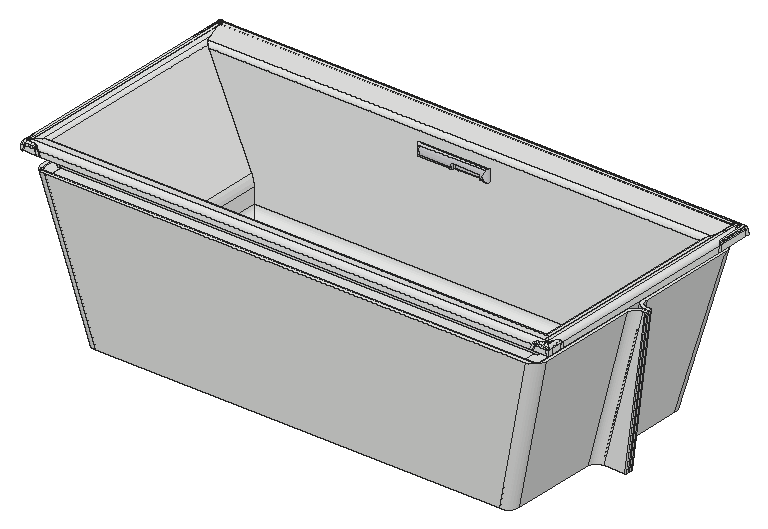
Revit family "Bath-Freestanding-KOHLER-REVE-K-16495T_1", category Plumbing Fixtures, host Face, Revit 2017
Family settings
  Host = Face
  Round Connector Dimension = Use Diameter
  Part Type = Normal
  OmniClass Number = 23.31.15.00
  OmniClass Title = Bathtubs
  Cut with Voids When Loaded = No
  Shared = No
  Room Calculation Point = No
Parameters (values of type "0-White")
  Width = 31.49606"  # constant formula
  WaterSense Certified = 1 = 0  # no
  Waste Water Outlet = "Waste Water Outlet"  # constant formula
  Waste Connection = 1 = 1  # yes
  Vent Connection = 1 = 0  # no
  URL = "http://www.kohler.com.cn/"
  Type = 1
  Product Page URL = ""
  Product Name = "REVE"  # constant formula
  Product Documentation Link = ""
  Model = "K-16495T-0"  # constant formula
  Material = "Cast Iron"  # constant formula
  Master Format 2014 Name = "Residential Bathtubs"  # constant formula
  Master Format 2014 = "22 41 19"  # constant formula
  Manufacturer Address = "Kohler Beijing Office (100016) 36-2-03-B, No. 88, Liuxiang Road, Beijing"  # constant formula
  Manufacturer = "KOHLER Co."  # constant formula
  Length = 66.92913"  # constant formula
  Hot Water Inlet = "Hot Water Inlet"  # constant formula
  Height = 22 31/128"  # constant formula
  HW Connection = 1 = 0  # no
  Finish = KOHLER-Cast_Iron-0-White
  Environmental Product Declaration = ""
  Drain Included = 1 = 0  # no
  Description = "FREESTANDING BATH, CANOE, WOOD"  # constant formula
  Default Elevation = 0"
  Declare Label = ""
  Date Modified = "01/22/2021"  # constant formula
  Date Created = "01/22/2021"  # constant formula
  Copyright = "Copyright KOHLER Co."  # constant formula
  Contact Us = "http://www.kohler.com.cn/contact/contact-us/"
  Cold Water Inlet = "Cold Water Inlet"  # constant formula
  CW Connection = 1 = 0  # no
  Assembly Code = "D2010500"
  ADA Compliant = 1 = 0  # no
Reference planes (in)
  plane 1 "Center (Front/Back)": y = 0
  plane 2: z = 0
  plane 3 "Center (Left/Right)": x = 0
  plane 4: z = 22.24219
  plane 5: y = -15.74606
  plane 6: y = 15.75
  plane 7: z = 19.09449
  plane 8: z = 3.54331
  plane 9: z = 21.06109
  plane 10: x = -33.46654
  plane 11: x = 33.4626
  plane 12: y = -1.19882
Dimensions and locks (in)
  plane 6 to plane 1 "Center (Front/Back)" to plane 5 = 15 3/4", 15.74606"  (x2)
  plane 12 to plane 5 = 14.54724"  (x2)
  "Height": level to plane 4
  plane 9 to plane 4 = 1.1811"
  level to plane 7 = 19.09449"
  plane 8 to level = 3.54331"
  plane 6 to plane 5 = 31.49606"
  "Length": plane 10 to plane 11
  "Width": plane 6 to plane 5
  aligned and locked: plane 2 to host face
  aligned and locked: level to host face
  aligned and locked: plane 3 "Center (Left/Right)" to nested 1
  aligned and locked: plane 1 "Center (Front/Back)" to nested 1
Automatic sketch dimensions
  host sketch curve to host sketch curve = 96"  (x2)
Nested families (in)
  nested 1: "K-16495T" at (0, 0, 0), type "K-16495T"
Connectors (in)
  piping at (0, -1.20276, 3.54331), diameter 1.32031, driven by "Waste Connection", driven by "Waste Water Outlet"
    settings: on nested 1, index 1, connector inside diameter 24", connector length 0", flow factor 0, pipe flow 0 GPM, pressure drop 0.00 psi, fitting loss kfactor 0, connector angle 0.00°, fixture units 0, engagement length 0", angle of deflection 0.00°, flow configuration 0, flow direction 2, fitting loss method 0, system type 16, joint type 0, gender type 0, connector reference index -1, connector utility 1, adjustable connector no, is connector primary yes, connector description "Waste Water Outlet"
Definition of nested family "K-16495T"
  Parameters (values of type "K-16495T")
    Material = none
  Reference planes (in)
    plane 1 "Center (Front/Back)": y = 0
    plane 2: z = 0
    plane 3 "Center (Left/Right)": x = 0
    plane 4: y = 15.75
    plane 5: y = -15.75
    plane 6: y = -1.20276
    plane 7: x = -33.46654
    plane 8: x = 33.46654
    plane 9: z = 22.24409
    plane 10: z = 21.06299
    plane 11: z = 19.09449
    plane 12: z = 3.54331
  Forms (in)
    Blend 1, solid, material <- "Material", detail levels medium+fine
      base sketch origin (0, 0, 0) x (1, 0, 0) y (0, 1, 0)
        loop
          arc (26.99184, -1.61417) -> (27.32048, -0.82076) -> (28.11389, -0.49212) r 1.12205
          line (28.11389, -0.49212) -> (30.88459, -0.49212)
          arc (30.88459, -0.49212) -> (30.94027, -0.46906) -> (30.96334, -0.41338) r 0.07874
          line (30.96334, -0.41338) -> (30.96334, -0.09841)
          arc (30.96334, -0.09841) -> (30.94058, -0.04304) -> (30.88459, -0.01968) r 0.07874
          arc (30.88459, -0.01968) -> (30.94027, 0.00338) -> (30.96334, 0.05906) r 0.07874
          line (30.96334, 0.05906) -> (30.96334, 0.37413)
          arc (30.96334, 0.37413) -> (30.9403, 0.42973) -> (30.8847, 0.45276) r 0.07863
          line (30.8847, 0.45276) -> (28.11389, 0.45276)
          arc (28.11389, 0.45276) -> (27.32048, 0.7814) -> (26.99184, 1.57481) r 1.12205
          line (26.99184, 1.57481) -> (26.99184, 12.21174)
          arc (26.99184, 12.21174) -> (26.56519, 13.24178) -> (25.53515, 13.66843) r 1.45669
          line (25.53515, 13.66843) -> (-25.53539, 13.66843)
          arc (-25.53539, 13.66843) -> (-26.56543, 13.24178) -> (-26.99208, 12.21174) r 1.45669
          line (-26.99208, 12.21174) -> (-26.99208, 1.57481)
          arc (-26.99208, 1.57481) -> (-27.32072, 0.7814) -> (-28.11413, 0.45276) r 1.12205
          line (-28.11413, 0.45276) -> (-30.88495, 0.45276)
          arc (-30.88495, 0.45276) -> (-30.94055, 0.42973) -> (-30.96358, 0.37413) r 0.07863
          line (-30.96358, 0.37413) -> (-30.96358, 0.05906)
          arc (-30.96358, 0.05906) -> (-30.94083, 0.00369) -> (-30.88572, -0.01968) r 0.07874
          arc (-30.88572, -0.01968) -> (-30.94083, -0.04304) -> (-30.96358, -0.09841) r 0.07874
          line (-30.96358, -0.09841) -> (-30.96358, -0.41338)
          arc (-30.96358, -0.41338) -> (-30.94052, -0.46906) -> (-30.88484, -0.49212) r 0.07874
          line (-30.88484, -0.49212) -> (-28.11413, -0.49212)
          arc (-28.11413, -0.49212) -> (-27.32073, -0.82076) -> (-26.99209, -1.61417) r 1.12205
          line (-26.99209, -1.61417) -> (-26.99209, -12.2511)
          arc (-26.99209, -12.2511) -> (-26.56543, -13.28114) -> (-25.53539, -13.70779) r 1.45669
          line (-25.53539, -13.70779) -> (25.53515, -13.70779)
          arc (25.53515, -13.70779) -> (26.56518, -13.28114) -> (26.99184, -12.2511) r 1.45669
          line (26.99184, -12.2511) -> (26.99184, -1.61417)
      top sketch origin (0, 0, 0) x (1, 0, 0) y (0, 1, 0)
        loop
          line (31.93851, -14.18352) -> (31.93851, -1.61417)
          arc (31.93851, -1.61417) -> (32.26715, -0.82076) -> (33.06056, -0.49212) r 1.12205
          line (33.06056, -0.49212) -> (33.34442, -0.49212)
          arc (33.34442, -0.49212) -> (33.4001, -0.46906) -> (33.42316, -0.41338) r 0.07874
          line (33.42316, -0.41338) -> (33.42316, -0.09842)
          arc (33.42316, -0.09842) -> (33.4001, -0.04274) -> (33.34442, -0.01968) r 0.07874
          arc (33.34442, -0.01968) -> (33.4001, 0.00339) -> (33.42316, 0.05907) r 0.07874
          line (33.42316, 0.05907) -> (33.42316, 0.37402)
          arc (33.42316, 0.37402) -> (33.4001, 0.4297) -> (33.34442, 0.45276) r 0.07874
          line (33.34442, 0.45276) -> (33.06084, 0.45276)
          arc (33.06084, 0.45276) -> (32.26743, 0.7814) -> (31.93879, 1.57481) r 1.12205
          line (31.93879, 1.57481) -> (31.93879, 14.14416)
          arc (31.93879, 14.14416) -> (31.51213, 15.1742) -> (30.4821, 15.60086) r 1.45669
          line (30.4821, 15.60086) -> (-30.48206, 15.60086)
          arc (-30.48206, 15.60086) -> (-31.5121, 15.1742) -> (-31.93876, 14.14416) r 1.45669
          line (-31.93876, 14.14416) -> (-31.93876, 1.57481)
          arc (-31.93876, 1.57481) -> (-32.2674, 0.7814) -> (-33.0608, 0.45276) r 1.12205
          line (-33.0608, 0.45276) -> (-33.34494, 0.45276)
          arc (-33.34494, 0.45276) -> (-33.40062, 0.4297) -> (-33.42368, 0.37402) r 0.07874
          line (-33.42368, 0.37402) -> (-33.42368, 0.05907)
          arc (-33.42368, 0.05907) -> (-33.40062, 0.00339) -> (-33.34494, -0.01968) r 0.07874
          arc (-33.34494, -0.01968) -> (-33.40062, -0.04274) -> (-33.42368, -0.09842) r 0.07874
          line (-33.42368, -0.09842) -> (-33.42368, -0.41338)
          arc (-33.42368, -0.41338) -> (-33.40062, -0.46906) -> (-33.34494, -0.49212) r 0.07874
          line (-33.34494, -0.49212) -> (-33.06108, -0.49212)
          arc (-33.06108, -0.49212) -> (-32.26767, -0.82076) -> (-31.93903, -1.61417) r 1.12205
          line (-31.93903, -1.61417) -> (-31.93903, -14.18352)
          arc (-31.93903, -14.18352) -> (-31.51238, -15.21356) -> (-30.48234, -15.64022) r 1.45669
          line (-30.48234, -15.64022) -> (30.48182, -15.64022)
          arc (30.48182, -15.64022) -> (31.51186, -15.21356) -> (31.93851, -14.18352) r 1.45669
      from 0 to 19.09454
    Blend 2, void
      base sketch origin (0, 0, 0) x (1, 0, 0) y (0, 1, 0)
        loop
          arc (-26.51965, -12.2511) -> (-26.23136, -12.94707) -> (-25.53539, -13.23535) r 0.98425
          line (-25.53539, -13.23535) -> (25.53515, -13.23535)
          arc (25.53515, -13.23535) -> (26.23112, -12.94707) -> (26.5194, -12.2511) r 0.98425
          line (26.5194, -12.2511) -> (26.5194, -1.61726)
          arc (26.5194, -1.61726) -> (26.98623, -0.4887) -> (28.11389, -0.01968) r 1.59759
          arc (28.11389, -0.01968) -> (26.98642, 0.44733) -> (26.5194, 1.57481) r 1.59449
          line (26.5194, 1.57481) -> (26.5194, 12.21174)
          arc (26.5194, 12.21174) -> (26.23112, 12.90771) -> (25.53515, 13.19599) r 0.98425
          line (25.53515, 13.19599) -> (-25.53539, 13.19599)
          arc (-25.53539, 13.19599) -> (-26.23136, 12.90771) -> (-26.51964, 12.21174) r 0.98425
          line (-26.51964, 12.21174) -> (-26.51965, 1.5779)
          arc (-26.51965, 1.5779) -> (-26.98647, 0.44934) -> (-28.11413, -0.01968) r 1.59759
          arc (-28.11413, -0.01968) -> (-26.98666, -0.48669) -> (-26.51965, -1.61417) r 1.59449
          line (-26.51965, -1.61417) -> (-26.51965, -12.2511)
      top sketch origin (0, 0, 0) x (1, 0, 0) y (0, 1, 0)
        loop
          line (30.4821, 15.12842) -> (-30.48206, 15.12842)
          arc (-30.48206, 15.12842) -> (-31.17803, 14.84013) -> (-31.46632, 14.14416) r 0.98425
          line (-31.46632, 14.14416) -> (-31.46632, 1.57481)
          arc (-31.46632, 1.57481) -> (-31.93338, 0.44729) -> (-33.06094, -0.01968) r 1.59449
          arc (-33.06094, -0.01968) -> (-31.93356, -0.48674) -> (-31.46659, -1.61417) r 1.59449
          line (-31.46659, -1.61417) -> (-31.46659, -14.18352)
          arc (-31.46659, -14.18352) -> (-31.17831, -14.87949) -> (-30.48234, -15.16778) r 0.98425
          line (-30.48234, -15.16778) -> (30.48182, -15.16778)
          arc (30.48182, -15.16778) -> (31.17779, -14.87949) -> (31.46607, -14.18352) r 0.98425
          line (31.46607, -14.18352) -> (31.46607, -1.61417)
          arc (31.46607, -1.61417) -> (31.93314, -0.48665) -> (33.0607, -0.01968) r 1.59449
          arc (33.0607, -0.01968) -> (31.93331, 0.44738) -> (31.46635, 1.57481) r 1.59449
          line (31.46635, 1.57481) -> (31.46635, 14.14416)
          arc (31.46635, 14.14416) -> (31.17807, 14.84013) -> (30.4821, 15.12842) r 0.98425
      from 0 to 19.09454
    Extrusion 3, solid, material <- "Material", detail levels medium+fine
      sketch origin (0, 0, 0) x (0, 1, 0) y (0, 0, 1)
        loop
          arc (-13.56408, 21.40255) -> (-13.73061, 21.76443) -> (-14.08904, 21.93823) r 0.59055
          line (-14.08904, 21.93823) -> (-15.04195, 22.04104)
          arc (-15.04195, 22.04104) -> (-15.48031, 21.91009) -> (-15.6936, 21.50536) r 0.59055
          line (-15.6936, 21.50536) -> (-15.74953, 20.86614) -> (-15.39384, 20.86614) -> (-15.34729, 21.39827)
          arc (-15.34729, 21.39827) -> (-15.22959, 21.61731) -> (-14.98969, 21.68271) r 0.31496
          line (-14.98969, 21.68271) -> (-14.13935, 21.5632)
          arc (-14.13935, 21.5632) -> (-13.95472, 21.46811) -> (-13.86942, 21.27876) r 0.31496
          line (-13.86942, 21.27876) -> (-13.67834, 19.09454) -> (-15.16778, 19.09454) -> (-13.59394, 3.54331) -> (13.55458, 3.54331) -> (15.12842, 19.09454) -> (11.27677, 19.09454) -> (11.4714, 21.31925)
          arc (11.4714, 21.31925) -> (11.56829, 21.5202) -> (11.77399, 21.60656) r 0.31496
          line (11.77399, 21.60656) -> (15.01921, 21.72169)
          arc (15.01921, 21.72169) -> (15.23901, 21.64288) -> (15.34414, 21.43438) r 0.31496
          line (15.34414, 21.43438) -> (15.39385, 20.86614) -> (15.74954, 20.86614) -> (15.69339, 21.50795)
          arc (15.69339, 21.50795) -> (15.49577, 21.89933) -> (15.08282, 22.04661) r 0.59055
          line (15.08282, 22.04661) -> (11.72671, 21.92004)
          arc (11.72671, 21.92004) -> (11.34186, 21.75771) -> (11.16067, 21.38137) r 0.59055
          line (11.16067, 21.38137) -> (9.86864, 6.61232)
          arc (9.86864, 6.61232) -> (9.48998, 5.84445) -> (8.69204, 5.53415) r 1.1811
          line (8.69204, 5.53415) -> (-11.0936, 5.53415)
          arc (-11.0936, 5.53415) -> (-11.89154, 5.84445) -> (-12.27021, 6.61232) r 1.1811
          line (-12.27021, 6.61232) -> (-13.56408, 21.40255)
      from -36.99909 to 37.01604
    Extrusion 4, solid, material <- "Material", detail levels medium+fine
      sketch origin (0, 0, 0) x (1, 0, 0) y (0, 0, 1)
        loop
          arc (24.91903, 9.70287) -> (24.65345, 9.04817) -> (24.53854, 8.35106) r 3.18898
          line (24.53854, 8.35106) -> (24.44587, 6.58279)
          arc (24.44587, 6.58279) -> (24.07941, 5.78786) -> (23.26639, 5.4635) r 1.1811
          line (23.26639, 5.4635) -> (-23.26639, 5.4635)
          arc (-23.26639, 5.4635) -> (-24.07941, 5.78786) -> (-24.44587, 6.58279) r 1.1811
          line (-24.44587, 6.58279) -> (-24.53854, 8.35106)
          arc (-24.53854, 8.35106) -> (-24.65345, 9.04817) -> (-24.91903, 9.70287) r 3.18898
          line (-24.91903, 9.70287) -> (-31.37399, 21.62123)
          arc (-31.37399, 21.62123) -> (-31.5609, 21.82813) -> (-31.82191, 21.92621) r 0.59055
          line (-31.82191, 21.92621) -> (-32.75058, 22.03927)
          arc (-32.75058, 22.03927) -> (-33.19383, 21.9118) -> (-33.41025, 21.50452) r 0.59055
          line (-33.41025, 21.50452) -> (-33.4661, 20.86614) -> (-33.11042, 20.86614) -> (-33.06355, 21.40178)
          arc (-33.06355, 21.40178) -> (-32.95245, 21.61543) -> (-32.72287, 21.68814) r 0.31496
          line (-32.72287, 21.68814) -> (-31.89108, 21.61679)
          arc (-31.89108, 21.61679) -> (-31.7454, 21.56643) -> (-31.64105, 21.45298) r 0.31496
          line (-31.64105, 21.45298) -> (-30.36373, 19.09454) -> (-31.46659, 19.09454) -> (-27.43763, 3.54331) -> (27.43762, 3.54331) -> (31.46635, 19.09454) -> (30.36373, 19.09454) -> (31.64105, 21.45298)
          arc (31.64105, 21.45298) -> (31.7454, 21.56643) -> (31.89108, 21.61679) r 0.31496
          line (31.89108, 21.61679) -> (32.72287, 21.68814)
          arc (32.72287, 21.68814) -> (32.95245, 21.61543) -> (33.06355, 21.40178) r 0.31496
          line (33.06355, 21.40178) -> (33.11042, 20.86614) -> (33.4661, 20.86614) -> (33.41025, 21.50452)
          arc (33.41025, 21.50452) -> (33.19383, 21.9118) -> (32.75058, 22.03927) r 0.59055
          line (32.75058, 22.03927) -> (31.82191, 21.92621)
          arc (31.82191, 21.92621) -> (31.5609, 21.82813) -> (31.37399, 21.62123) r 0.59055
          line (31.37399, 21.62123) -> (24.91903, 9.70287)
      from -18.88088 to 21.24098
    Extrusion 5, void
      sketch origin (0, 0, 0) x (0, 1, 0) y (0, 0, 1)
        loop
          line (-11.75177, -2.92804) -> (-12.31789, 3.54331) -> (-13.59394, 3.54331) -> (-15.16778, 19.09454) -> (-13.67834, 19.09454) -> (-13.83332, 20.86614) -> (-15.74953, 20.86614) -> (-15.69404, 21.50031)
          arc (-15.69404, 21.50031) -> (-15.50537, 21.88882) -> (-15.10574, 22.05264) r 0.60526
          line (-15.10574, 22.05264) -> (-15.10574, 22.24045) -> (-21.9589, 22.24045) -> (-21.9589, -2.92804) -> (-11.75177, -2.92804)
        loop
          line (9.25178, -2.92804) -> (21.9589, -2.92804) -> (21.9589, 22.24045) -> (15.11733, 22.24045) -> (15.11733, 22.05047)
          arc (15.11733, 22.05047) -> (15.50872, 21.88896) -> (15.69339, 21.50795) r 0.59456
          line (15.69339, 21.50795) -> (15.74954, 20.86614) -> (11.43176, 20.86614) -> (11.27677, 19.09454) -> (15.12842, 19.09454) -> (13.55458, 3.54331) -> (9.8179, 3.54331) -> (9.25178, -2.92804)
      from -42.14985 to 47.71802
    Extrusion 6, void
      sketch origin (0, 0, 0) x (1, 0, 0) y (0, 0, 1)
        loop
          line (-24.52815, 3.54331) -> (-27.43763, 3.54331) -> (-31.46659, 19.09454) -> (-30.36373, 19.09454) -> (-31.32322, 20.86614) -> (-33.4661, 20.86614) -> (-33.41025, 21.50452)
          arc (-33.41025, 21.50452) -> (-33.22331, 21.89016) -> (-32.82712, 22.05357) r 0.60172
          line (-32.82712, 22.05357) -> (-32.82712, 23.63336) -> (-39.12116, 23.63336) -> (-39.12116, -3.08863) -> (-24.18059, -3.08863) -> (-24.52815, 3.54331)
        loop
          line (24.52815, 3.54331) -> (24.18059, -3.08863) -> (39.12116, -3.08863) -> (39.12116, 23.63336) -> (32.82624, 23.63336) -> (32.82624, 22.054)
          arc (32.82624, 22.054) -> (33.223, 21.8906) -> (33.41025, 21.50452) r 0.60217
          line (33.41025, 21.50452) -> (33.4661, 20.86614) -> (31.32322, 20.86614) -> (30.36373, 19.09454) -> (31.46635, 19.09454) -> (27.43762, 3.54331) -> (24.52815, 3.54331)
      from -20.68674 to 21.09473
    Extrusion 7, void
      sketch origin (3.78317, 0.98947, 10.08303) x (0.96804, -0.025252, 0.249522) y (0, 0.994918, 0.100689)
        loop
          line (-31.46659, -14.85281) -> (-31.66344, -14.85281) -> (-31.66344, -15.31936) -> (-31.15163, -15.31936) -> (-31.15163, -15.16778)
          arc (-31.15163, -15.16778) -> (-31.37434, -15.07553) -> (-31.46659, -14.85281) r 0.31496
      from 2.55649 to 19.48239
    Extrusion 8, void
      sketch origin (-3.78317, 0.98947, 10.08303) x (-0.96804, -0.025252, 0.249522) y (0, -0.994918, -0.100689)
        loop
          arc (-31.46659, 14.85281) -> (-31.37434, 15.07553) -> (-31.15163, 15.16778) r 0.31496
          line (-31.15163, 15.16778) -> (-31.15163, 15.31936) -> (-31.66344, 15.31936) -> (-31.66344, 14.85281) -> (-31.46659, 14.85281)
      from 2.55649 to 19.48239
    Extrusion 9, void
      sketch origin (3.78317, -0.98947, 10.08303) x (0.96804, 0.025252, 0.249522) y (0, 0.994918, -0.100689)
        loop
          arc (-31.46659, 14.85281) -> (-31.37434, 15.07553) -> (-31.15163, 15.16778) r 0.31496
          line (-31.15163, 15.16778) -> (-31.15163, 15.31936) -> (-31.66344, 15.31936) -> (-31.66344, 14.85281) -> (-31.46659, 14.85281)
      from 2.55649 to 19.48239
    Extrusion 10, void
      sketch origin (-3.78317, -0.98947, 10.08303) x (-0.96804, 0.025252, 0.249522) y (0, -0.994918, 0.100689)
        loop
          line (-31.46659, -14.85281) -> (-31.66344, -14.85281) -> (-31.66344, -15.31936) -> (-31.15163, -15.31936) -> (-31.15163, -15.16778)
          arc (-31.15163, -15.16778) -> (-31.37434, -15.07553) -> (-31.46659, -14.85281) r 0.31496
      from 2.55649 to 19.48239
    Extrusion 11, solid, detail levels medium+fine
      sketch origin (0, 0, 0) x (0, 1, 0) y (0, 0, 1)
        loop
          arc (10.87855, 20.22292) -> (10.74845, 20.18278) -> (10.66358, 20.07632) r 0.23091
          arc (10.66358, 20.07632) -> (10.53283, 19.53074) -> (10.55629, 18.9702) r 2.03144
          arc (10.55629, 18.9702) -> (10.65376, 18.80308) -> (10.83565, 18.73717) r 0.28397
          line (10.83565, 18.73717) -> (11.27677, 18.73717) -> (11.27677, 20.22292) -> (10.87855, 20.22292)
      from -4.48527 to 4.55806
    Extrusion 12, void
      sketch origin (0.27067, 0, 0) x (1, 0, 0) y (0, 1, 0)
        loop
          line (-4.75594, 10.52334) -> (-4.16539, 10.52334)
          arc (-4.16539, 10.52334) -> (-4.58298, 10.69631) -> (-4.75594, 11.11389) r 0.59055
          line (-4.75594, 11.11389) -> (-4.75594, 10.52334)
      from 17.73396 to 20.86614
    Extrusion 13, void
      sketch origin (-0.19788, 0, 0) x (-1, 0, 0) y (0, -1, 0)
        loop
          line (-4.75594, -10.52334) -> (-4.75594, -11.11389)
          arc (-4.75594, -11.11389) -> (-4.58298, -10.69631) -> (-4.16539, -10.52334) r 0.59055
          line (-4.16539, -10.52334) -> (-4.75594, -10.52334)
      from 17.73396 to 20.86614
    Extrusion 14, void
      sketch origin (0, 0, 0) x (1, 0, 0) y (0, 0, 1)
        loop
          line (0.05766, 19.51244) -> (0.05766, 18.73717) -> (3.66286, 18.73717) -> (3.66286, 19.51244) -> (0.05766, 19.51244)
      from -11.13603 to -10.21174
    Revolve 15, solid, detail levels medium+fine
      sketch origin (0, 0, 0) x (0, 1, 0) y (0, 0, 1)
        loop
          arc (0.67688, 5.56548) -> (-0.25637, 5.72318) -> (-1.20276, 5.71) r 5.22714
          line (-1.20276, 5.71) -> (-1.20276, 3.69117) -> (-0.55118, 3.69117) -> (-0.55118, 5.22966) -> (0.72086, 5.22966) -> (0.72086, 5.50838)
          arc (0.72086, 5.50838) -> (0.70859, 5.54442) -> (0.67688, 5.56548) r 0.05906
        axis (-1.20276, 5.71) -> (-1.20276, 3.69117)
      angle from 0 to 360
    Revolve 16, void
      sketch origin (0, 0, 0) x (0, 1, 0) y (0, 0, 1)
        loop
          line (1.60542, 5.53415) -> (-1.20276, 5.53415) -> (-1.20276, 4.06796) -> (0.13923, 4.06796)
          arc (0.13923, 4.06796) -> (0.56867, 5.10471) -> (1.60542, 5.53415) r 1.46619
        axis (-1.20276, 5.53415) -> (-1.20276, 4.06796)
      angle from 0 to 360
    Extrusion 17, void
      sketch origin (0, 0, 0) x (1, 0, 0) y (0, 1, 0)
        loop
          line (19.3075, 1.88872) -> (22.0625, 1.88872) -> (22.0625, 6.91969)
          arc (22.0625, 6.91969) -> (21.84341, 7.44862) -> (21.31447, 7.66772) r 0.74803
          line (21.31447, 7.66772) -> (19.3075, 7.66772) -> (19.3075, 1.88872)
        loop
          line (22.0625, 1.68872) -> (19.3075, 1.68872) -> (19.3075, -4.09028) -> (22.0625, -4.09028) -> (22.0625, 1.68872)
        loop
          line (22.0625, -4.29028) -> (19.3075, -4.29028) -> (19.3075, -10.06928) -> (21.31447, -10.06928)
          arc (21.31447, -10.06928) -> (21.84341, -9.85019) -> (22.0625, -9.32125) r 0.74803
          line (22.0625, -9.32125) -> (22.0625, -4.29028)
        loop
          line (19.1075, 7.66772) -> (16.3525, 7.66772) -> (16.3525, 1.88872) -> (19.1075, 1.88872) -> (19.1075, 7.66772)
        loop
          line (19.1075, 1.68872) -> (16.3525, 1.68872) -> (16.3525, -4.09028) -> (19.1075, -4.09028) -> (19.1075, 1.68872)
        loop
          line (16.3525, -4.29028) -> (16.3525, -10.06928) -> (19.1075, -10.06928) -> (19.1075, -4.29028) -> (16.3525, -4.29028)
        loop
          line (16.1525, 7.66772) -> (13.3975, 7.66772) -> (13.3975, 1.88872) -> (16.1525, 1.88872) -> (16.1525, 7.66772)
        loop
          line (16.1525, 1.68872) -> (13.3975, 1.68872) -> (13.3975, -4.09028) -> (16.1525, -4.09028) -> (16.1525, 1.68872)
        loop
          line (13.3975, -4.29028) -> (13.3975, -10.06928) -> (16.1525, -10.06928) -> (16.1525, -4.29028) -> (13.3975, -4.29028)
        loop
          line (13.1975, 7.66772) -> (10.4425, 7.66772) -> (10.4425, 1.88872) -> (13.1975, 1.88872) -> (13.1975, 7.66772)
        loop
          line (13.1975, 1.68872) -> (10.4425, 1.68872) -> (10.4425, -4.09028) -> (13.1975, -4.09028) -> (13.1975, 1.68872)
        loop
          line (10.4425, -4.29028) -> (10.4425, -10.06928) -> (13.1975, -10.06928) -> (13.1975, -4.29028) -> (10.4425, -4.29028)
        loop
          line (10.2425, 7.66772) -> (7.4875, 7.66772) -> (7.4875, 1.88872) -> (10.2425, 1.88872) -> (10.2425, 7.66772)
        loop
          line (10.2425, 1.68872) -> (7.4875, 1.68872) -> (7.4875, -4.09028) -> (10.2425, -4.09028) -> (10.2425, 1.68872)
        loop
          line (7.4875, -4.29028) -> (7.4875, -10.06928) -> (10.2425, -10.06928) -> (10.2425, -4.29028) -> (7.4875, -4.29028)
        loop
          line (7.2875, 7.66772) -> (4.5325, 7.66772) -> (4.5325, 1.88872) -> (7.2875, 1.88872) -> (7.2875, 7.66772)
        loop
          line (7.2875, 1.68872) -> (4.5325, 1.68872) -> (4.5325, -4.09028) -> (7.2875, -4.09028) -> (7.2875, 1.68872)
        loop
          line (4.5325, -4.29028) -> (4.5325, -10.06928) -> (7.2875, -10.06928) -> (7.2875, -4.29028) -> (4.5325, -4.29028)
        loop
          line (4.3325, 7.66772) -> (1.5775, 7.66772) -> (1.5775, 1.88872) -> (4.3325, 1.88872) -> (4.3325, 7.66772)
        loop
          line (4.3325, 1.68872) -> (1.5775, 1.68872) -> (1.5775, -4.09028) -> (4.3325, -4.09028) -> (4.3325, 1.68872)
        loop
          line (1.5775, -4.29028) -> (1.5775, -10.06928) -> (4.3325, -10.06928) -> (4.3325, -4.29028) -> (1.5775, -4.29028)
        loop
          line (1.3775, 7.66772) -> (-1.3775, 7.66772) -> (-1.3775, 1.88872) -> (1.3775, 1.88872) -> (1.3775, 7.66772)
        loop
          line (1.3775, 1.68872) -> (-1.3775, 1.68872) -> (-1.3775, -4.09028) -> (1.3775, -4.09028) -> (1.3775, 1.68872)
        loop
          line (-1.3775, -4.29028) -> (-1.3775, -10.06928) -> (1.3775, -10.06928) -> (1.3775, -4.29028) -> (-1.3775, -4.29028)
        loop
          line (-1.5775, 7.66772) -> (-4.3325, 7.66772) -> (-4.3325, 1.88872) -> (-1.5775, 1.88872) -> (-1.5775, 7.66772)
        loop
          line (-1.5775, 1.68872) -> (-4.3325, 1.68872) -> (-4.3325, -4.09028) -> (-1.5775, -4.09028) -> (-1.5775, 1.68872)
        loop
          line (-4.3325, -4.29028) -> (-4.3325, -10.06928) -> (-1.5775, -10.06928) -> (-1.5775, -4.29028) -> (-4.3325, -4.29028)
        loop
          line (-4.5325, 7.66772) -> (-7.2875, 7.66772) -> (-7.2875, 1.88872) -> (-4.5325, 1.88872) -> (-4.5325, 7.66772)
        loop
          line (-4.5325, 1.68872) -> (-7.2875, 1.68872) -> (-7.2875, -4.09028) -> (-4.5325, -4.09028) -> (-4.5325, 1.68872)
        loop
          line (-7.2875, -4.29028) -> (-7.2875, -10.06928) -> (-4.5325, -10.06928) -> (-4.5325, -4.29028) -> (-7.2875, -4.29028)
        loop
          line (-7.4875, 7.66772) -> (-10.2425, 7.66772) -> (-10.2425, 1.88872) -> (-7.4875, 1.88872) -> (-7.4875, 7.66772)
        loop
          line (-7.4875, 1.68872) -> (-10.2425, 1.68872) -> (-10.2425, -4.09028) -> (-7.4875, -4.09028) -> (-7.4875, 1.68872)
        loop
          line (-10.2425, -4.29028) -> (-10.2425, -10.06928) -> (-7.4875, -10.06928) -> (-7.4875, -4.29028) -> (-10.2425, -4.29028)
        loop
          line (-10.4425, 7.66772) -> (-13.1975, 7.66772) -> (-13.1975, 1.88872) -> (-10.4425, 1.88872) -> (-10.4425, 7.66772)
        loop
          line (-10.4425, 1.68872) -> (-13.1975, 1.68872) -> (-13.1975, -4.09028) -> (-10.4425, -4.09028) -> (-10.4425, 1.68872)
        loop
          line (-13.1975, -4.29028) -> (-13.1975, -10.06928) -> (-10.4425, -10.06928) -> (-10.4425, -4.29028) -> (-13.1975, -4.29028)
        loop
          line (-13.3975, 7.66772) -> (-16.1525, 7.66772) -> (-16.1525, 1.88872) -> (-13.3975, 1.88872) -> (-13.3975, 7.66772)
        loop
          line (-13.3975, 1.68872) -> (-16.1525, 1.68872) -> (-16.1525, -4.09028) -> (-13.3975, -4.09028) -> (-13.3975, 1.68872)
        loop
          line (-16.1525, -4.29028) -> (-16.1525, -10.06928) -> (-13.3975, -10.06928) -> (-13.3975, -4.29028) -> (-16.1525, -4.29028)
        loop
          line (-16.3525, 7.66772) -> (-19.1075, 7.66772) -> (-19.1075, 1.88872) -> (-16.3525, 1.88872) -> (-16.3525, 7.66772)
        loop
          line (-16.3525, 1.68872) -> (-19.1075, 1.68872) -> (-19.1075, -4.09028) -> (-16.3525, -4.09028) -> (-16.3525, 1.68872)
        loop
          line (-19.1075, -4.29028) -> (-19.1075, -10.06928) -> (-16.3525, -10.06928) -> (-16.3525, -4.29028) -> (-19.1075, -4.29028)
        loop
          line (-19.3075, 1.88872) -> (-19.3075, 7.66772) -> (-21.31447, 7.66772)
          arc (-21.31447, 7.66772) -> (-21.84341, 7.44862) -> (-22.0625, 6.91969) r 0.74803
          line (-22.0625, 6.91969) -> (-22.0625, 1.88872) -> (-19.3075, 1.88872)
        loop
          line (-22.0625, 1.68872) -> (-22.0625, -4.09028) -> (-19.3075, -4.09028) -> (-19.3075, 1.68872) -> (-22.0625, 1.68872)
        loop
          line (-22.0625, -4.29028) -> (-22.0625, -9.32125)
          arc (-22.0625, -9.32125) -> (-21.84341, -9.85019) -> (-21.31447, -10.06928) r 0.74803
          line (-21.31447, -10.06928) -> (-19.3075, -10.06928) -> (-19.3075, -4.29028) -> (-22.0625, -4.29028)
      from 5.4635 to 6.08239
    Extrusion 18, solid, material <- "Material", detail levels medium+fine
      sketch origin (0, 0, 0) x (1, 0, 0) y (0, 1, 0)
        loop
          line (-22.52935, -10.70331) -> (-20.81732, -10.70331)
          arc (-20.81732, -10.70331) -> (-20.67813, -10.64566) -> (-20.62047, -10.50646) r 0.19685
          line (-20.62047, -10.50646) -> (-20.62047, -9.12851)
          arc (-20.62047, -9.12851) -> (-20.67813, -8.98932) -> (-20.81732, -8.93166) r 0.19685
          line (-20.81732, -8.93166) -> (-22.52935, -8.93166)
          arc (-22.52935, -8.93166) -> (-22.66854, -8.98932) -> (-22.7262, -9.12851) r 0.19685
          line (-22.7262, -9.12851) -> (-22.7262, -10.50646)
          arc (-22.7262, -10.50646) -> (-22.66854, -10.64566) -> (-22.52935, -10.70331) r 0.19685
        loop
          line (20.77774, -10.70331) -> (22.48977, -10.70331)
          arc (22.48977, -10.70331) -> (22.62896, -10.64566) -> (22.68662, -10.50646) r 0.19685
          line (22.68662, -10.50646) -> (22.68662, -9.12851)
          arc (22.68662, -9.12851) -> (22.62896, -8.98932) -> (22.48977, -8.93166) r 0.19685
          line (22.48977, -8.93166) -> (20.77774, -8.93166)
          arc (20.77774, -8.93166) -> (20.63855, -8.98932) -> (20.58089, -9.12851) r 0.19685
          line (20.58089, -9.12851) -> (20.58089, -10.50646)
          arc (20.58089, -10.50646) -> (20.63855, -10.64566) -> (20.77774, -10.70331) r 0.19685
        loop
          line (20.77774, 6.50627) -> (22.48977, 6.50627)
          arc (22.48977, 6.50627) -> (22.62896, 6.56393) -> (22.68662, 6.70312) r 0.19685
          line (22.68662, 6.70312) -> (22.68662, 8.08107)
          arc (22.68662, 8.08107) -> (22.62896, 8.22027) -> (22.48977, 8.27793) r 0.19685
          line (22.48977, 8.27793) -> (20.77774, 8.27793)
          arc (20.77774, 8.27793) -> (20.63855, 8.22027) -> (20.58089, 8.08107) r 0.19685
          line (20.58089, 8.08107) -> (20.58089, 6.70312)
          arc (20.58089, 6.70312) -> (20.63855, 6.56393) -> (20.77774, 6.50627) r 0.19685
        loop
          line (-22.52935, 6.50627) -> (-20.81732, 6.50627)
          arc (-20.81732, 6.50627) -> (-20.67813, 6.56393) -> (-20.62047, 6.70312) r 0.19685
          line (-20.62047, 6.70312) -> (-20.62047, 8.08107)
          arc (-20.62047, 8.08107) -> (-20.67813, 8.22027) -> (-20.81732, 8.27793) r 0.19685
          line (-20.81732, 8.27793) -> (-22.52935, 8.27793)
          arc (-22.52935, 8.27793) -> (-22.66854, 8.22027) -> (-22.7262, 8.08107) r 0.19685
          line (-22.7262, 8.08107) -> (-22.7262, 6.70312)
          arc (-22.7262, 6.70312) -> (-22.66854, 6.56393) -> (-22.52935, 6.50627) r 0.19685
      from 0 to 3.54331
    Extrusion 19, solid, material <- "Material", detail levels coarse
      sketch origin (0, 0, 0) x (1, 0, 0) y (0, 1, 0)
        loop
          line (-33.4661, -15.74953) -> (33.4661, -15.74953) -> (33.4661, 15.74954) -> (-33.4661, 15.74954) -> (-33.4661, -15.74953)
        loop
          line (31.6575, -13.90043) -> (31.6575, 11.49327) -> (-31.6575, 11.49327) -> (-31.6575, -13.90043) -> (31.6575, -13.90043)
      from 0 to 22.02668
    Extrusion 20, solid, material <- "Material", detail levels coarse
      sketch origin (0, 0, 0) x (1, 0, 0) y (0, 1, 0)
        loop
          line (-31.6575, 11.49327) -> (-31.6575, -13.90043) -> (31.6575, -13.90043) -> (31.6575, 11.49327) -> (-31.6575, 11.49327)
      from 0 to 5.4635
    Extrusion 21, solid, material <- "Material", detail levels medium+fine
      sketch origin (0, 0, 0) x (1, 0, 0) y (0, 1, 0)
        loop
          circle (0, -1.20276) r 1
      from 3.54331 to 3.69117
  Cuts and joins
    Blend 2 cuts Blend 1
    Extrusion 5, Extrusion 6, Extrusion 7, Extrusion 8, Extrusion 9, Extrusion 10, Revolve 16 cuts Extrusion 4
    Extrusion 6, Extrusion 7, Extrusion 8, Extrusion 9, Extrusion 10, Extrusion 14, Revolve 16, Extrusion 17 cuts Extrusion 3
    joined: Extrusion 19, Extrusion 20
    Extrusion 12, Extrusion 13, Extrusion 14 cuts Extrusion 11
  Lines and regions (in)
    Masking region 1
      outline origin (0, 0, 0) x (1, 0, 0) y (0, 0, 1)
        loop
          line (-33.46615, 21.06299) -> (-31.42984, 21.06299) -> (-30.3637, 19.09449) -> (-33.19984, 19.09449)
          arc (-33.19984, 19.09449) -> (-33.34766, 19.02763) -> (-33.39507, 18.87248) r 0.19685
          line (-33.39507, 18.87248) -> (-30.9857, 0.1717)
          arc (-30.9857, 0.1717) -> (-30.92046, 0.04903) -> (-30.79047, 0) r 0.19685
          line (-30.79047, 0) -> (30.79022, 0)
          arc (30.79022, 0) -> (30.92022, 0.04903) -> (30.98545, 0.1717) r 0.19685
          line (30.98545, 0.1717) -> (33.39456, 18.87249)
          arc (33.39456, 18.87249) -> (33.34714, 19.02764) -> (33.19932, 19.09449) r 0.19685
          line (33.19932, 19.09449) -> (30.3637, 19.09449) -> (31.42984, 21.06299) -> (33.46615, 21.06299) -> (33.40998, 21.70501)
          arc (33.40998, 21.70501) -> (33.22065, 22.08894) -> (32.82168, 22.24409) r 0.59055
          line (32.82168, 22.24409) -> (-32.82168, 22.24409)
          arc (-32.82168, 22.24409) -> (-33.22065, 22.08894) -> (-33.40998, 21.70501) r 0.59055
          line (-33.40998, 21.70501) -> (-33.46615, 21.06299)
    Masking region 2
      outline origin (0, 0, 0) x (0, 1, 0) y (0, 0, 1)
        loop
          arc (15.10552, 22.23888) -> (15.50449, 22.08373) -> (15.69382, 21.6998) r 0.59055
          line (15.69382, 21.6998) -> (15.74954, 21.06299) -> (11.44898, 21.06299) -> (11.27677, 19.09449) -> (15.38307, 19.09449)
          arc (15.38307, 19.09449) -> (15.52911, 19.02964) -> (15.57892, 18.87782) r 0.19685
          line (15.57892, 18.87782) -> (13.68635, 0.17703)
          arc (13.68635, 0.17703) -> (13.6225, 0.05082) -> (13.4905, 0) r 0.19685
          line (13.4905, 0) -> (-13.52986, 0)
          arc (-13.52986, 0) -> (-13.66186, 0.05082) -> (-13.72571, 0.17703) r 0.19685
          line (-13.72571, 0.17703) -> (-15.61828, 18.87782)
          arc (-15.61828, 18.87782) -> (-15.56847, 19.02964) -> (-15.42243, 19.09449) r 0.19685
          line (-15.42243, 19.09449) -> (-13.67833, 19.09449) -> (-13.85054, 21.06299) -> (-15.74953, 21.06299) -> (-15.69381, 21.6998)
          arc (-15.69381, 21.6998) -> (-15.50448, 22.08373) -> (-15.10551, 22.23888) r 0.59055
        loop
          line (15.10552, 22.24409) -> (-15.10551, 22.24409)
    Masking region 3
      outline origin (0, 0, 0) x (1, 0, 0) y (0, 1, 0)
        loop
          arc (33.46654, 15.15945) -> (33.29357, 15.57703) -> (32.87598, 15.75) r 0.59055
          line (32.87598, 15.75) -> (-32.87598, 15.75)
          arc (-32.87598, 15.75) -> (-33.29357, 15.57703) -> (-33.46654, 15.15945) r 0.59055
          line (-33.46654, 15.15945) -> (-33.46654, -15.15945)
          arc (-33.46654, -15.15945) -> (-33.29357, -15.57703) -> (-32.87598, -15.75) r 0.59055
          line (-32.87598, -15.75) -> (32.87598, -15.75)
          arc (32.87598, -15.75) -> (33.29357, -15.57703) -> (33.46654, -15.15945) r 0.59055
          line (33.46654, -15.15945) -> (33.46654, 15.15945)
    symbolic lines, detail levels medium+fine
      curve 1: line (0, 11.44898, 21.06299) -> (0, -13.85054, 21.06299)
      curve 2: line (0, 11.27677, 19.09454) -> (0, -13.67834, 19.09454)
      curve 3: line (0, 0, 19.09454) -> (0, 0, 0)
      curve 4: line (0, -0.49212, 0) -> (0, -0.49212, 19.09454)
      curve 5: line (0, 0.49212, 0) -> (0, 0.49212, 19.09454)
      curve 6: line (0, 15.69382, 21.6998) -> (0, -15.69381, 21.6998)
      curve 7: line (-33.40998, 0, 21.70501) -> (33.40998, 0, 21.70501)
      curve 8: line (31.42984, 0, 21.06299) -> (-31.42984, 0, 21.06299)
      curve 9: line (-30.3637, 0, 19.09449) -> (30.3637, 0, 19.09449)
      curve 10: line (-31.93876, 0, 19.09454) -> (-26.99208, 0, 0)
      curve 11: line (31.93876, 0, 19.09454) -> (26.99208, 0, 0)
      curve 12: line (-32.95472, 14.64764, 0) -> (-32.95472, -14.64764, 0)
      curve 13: line (-32.36417, -15.23819, 0) -> (32.36417, -15.23819, 0)
      curve 14: line (32.95472, -14.64764, 0) -> (32.95472, 14.64764, 0)
      curve 15: line (32.36417, 15.23819, 0) -> (-32.36417, 15.23819, 0)
      curve 24: arc (-32.95472, -14.64764, 0) -> (-32.78176, -15.06522, 0) -> (-32.36417, -15.23819, 0) r 0.59055
      curve 25: arc (-32.95472, 14.64764, 0) -> (-32.78176, 15.06522, 0) -> (-32.36417, 15.23819, 0) r 0.59055
      curve 26: arc (32.36417, 15.23819, 0) -> (32.78176, 15.06522, 0) -> (32.95472, 14.64764, 0) r 0.59055
      curve 27: arc (32.36417, -15.23819, 0) -> (32.78176, -15.06522, 0) -> (32.95472, -14.64764, 0) r 0.59055
      curve 28: line (31.21859, 11.3202, 0) -> (-31.21859, 11.3202, 0)
      curve 29: arc (-31.21859, 11.3202, 0) -> (-31.35778, 11.26254, 0) -> (-31.41544, 11.12335, 0) r 0.19685
      curve 30: line (-31.41544, 11.12335, 0) -> (-31.41544, -13.52886, 0)
      curve 31: arc (-31.41544, -13.52886, 0) -> (-31.35778, -13.66806, 0) -> (-31.21859, -13.72571, 0) r 0.19685
      curve 32: line (-31.21859, -13.72571, 0) -> (31.21859, -13.72571, 0)
      curve 33: arc (31.21859, -13.72571, 0) -> (31.35778, -13.66806, 0) -> (31.41544, -13.52886, 0) r 0.19685
      curve 34: line (31.41544, -13.52886, 0) -> (31.41544, 11.12335, 0)
      curve 35: arc (31.41544, 11.12335, 0) -> (31.35778, 11.26254, 0) -> (31.21859, 11.3202, 0) r 0.19685
      curve 36: line (-24.24955, 9.79257, 0) -> (24.24955, 9.79257, 0)
      curve 37: line (24.4464, 9.59572, 0) -> (24.4464, -12.00123, 0)
      curve 38: line (-24.24955, -12.19808, 0) -> (24.24955, -12.19808, 0)
      curve 39: line (-24.4464, 9.59572, 0) -> (-24.4464, -12.00123, 0)
      curve 40: arc (24.24955, 9.79257, 0) -> (24.38875, 9.73491, 0) -> (24.4464, 9.59572, 0) r 0.19685
      curve 41: arc (24.24955, -12.19808, 0) -> (24.38875, -12.14042, 0) -> (24.4464, -12.00123, 0) r 0.19685
      curve 42: arc (-24.4464, -12.00123, 0) -> (-24.38875, -12.14042, 0) -> (-24.24955, -12.19808, 0) r 0.19685
      curve 43: arc (-24.4464, 9.59572, 0) -> (-24.38875, 9.73491, 0) -> (-24.24955, 9.79257, 0) r 0.19685
      curve 44: line (23.46215, 9.00517, 0) -> (-23.46215, 9.00517, 0)
      curve 45: line (-23.659, 8.80832, 0) -> (-23.659, -11.21383, 0)
      curve 46: line (-23.46215, -11.41068, 0) -> (23.46215, -11.41068, 0)
      curve 47: line (23.659, -11.21383, 0) -> (23.659, 8.80832, 0)
      curve 48: arc (-23.659, -11.21383, 0) -> (-23.60135, -11.35302, 0) -> (-23.46215, -11.41068, 0) r 0.19685
      curve 49: arc (-23.659, 8.80832, 0) -> (-23.60135, 8.94751, 0) -> (-23.46215, 9.00517, 0) r 0.19685
      curve 50: arc (23.46215, 9.00517, 0) -> (23.60135, 8.94751, 0) -> (23.659, 8.80832, 0) r 0.19685
      curve 51: arc (23.46215, -11.41068, 0) -> (23.60135, -11.35302, 0) -> (23.659, -11.21383, 0) r 0.19685
      curve 53: line (21.31447, 7.66772, 0) -> (19.3075, 7.66772, 0)
      curve 54: arc (22.0625, 6.91969, 0) -> (21.84341, 7.44862, 0) -> (21.31447, 7.66772, 0) r 0.74803
      curve 55: line (22.0625, 1.88872, 0) -> (22.0625, 6.91969, 0)
      curve 56: line (19.3075, 1.88872, 0) -> (22.0625, 1.88872, 0)
      curve 57: line (19.3075, 7.66772, 0) -> (19.3075, 1.88872, 0)
      curve 58: line (22.0625, 1.68872, 0) -> (19.3075, 1.68872, 0)
      curve 59: line (19.3075, 1.68872, 0) -> (19.3075, -4.09028, 0)
      curve 60: line (22.0625, -4.09028, 0) -> (22.0625, 1.68872, 0)
      curve 61: line (19.3075, -4.09028, 0) -> (22.0625, -4.09028, 0)
      curve 62: line (22.0625, -9.32125, 0) -> (22.0625, -4.29028, 0)
      curve 63: line (19.3075, -4.29028, 0) -> (19.3075, -10.06928, 0)
      curve 64: line (22.0625, -4.29028, 0) -> (19.3075, -4.29028, 0)
      curve 65: line (19.3075, -10.06928, 0) -> (21.31447, -10.06928, 0)
      curve 66: arc (21.31447, -10.06928, 0) -> (21.84341, -9.85019, 0) -> (22.0625, -9.32125, 0) r 0.74803
      curve 67: line (19.1075, -10.06928, 0) -> (19.1075, -4.29028, 0)
      curve 68: line (19.1075, -4.29028, 0) -> (16.3525, -4.29028, 0)
      curve 69: line (16.3525, -4.29028, 0) -> (16.3525, -10.06928, 0)
      curve 70: line (16.3525, -10.06928, 0) -> (19.1075, -10.06928, 0)
      curve 71: line (16.3525, -4.09028, 0) -> (16.3525, 1.68872, 0)
      curve 72: line (16.3525, 1.68872, 0) -> (19.1075, 1.68872, 0)
      curve 73: line (19.1075, 1.68872, 0) -> (19.1075, -4.09028, 0)
      curve 74: line (19.1075, -4.09028, 0) -> (16.3525, -4.09028, 0)
      curve 75: line (16.3525, 1.88872, 0) -> (16.3525, 7.66772, 0)
      curve 76: line (16.3525, 7.66772, 0) -> (19.1075, 7.66772, 0)
      curve 77: line (19.1075, 7.66772, 0) -> (19.1075, 1.88872, 0)
      curve 78: line (19.1075, 1.88872, 0) -> (16.3525, 1.88872, 0)
      curve 79: line (16.1525, -10.06928, 0) -> (16.1525, -4.29028, 0)
      curve 80: line (16.1525, -4.29028, 0) -> (13.3975, -4.29028, 0)
      curve 81: line (13.3975, -4.29028, 0) -> (13.3975, -10.06928, 0)
      curve 82: line (13.3975, -10.06928, 0) -> (16.1525, -10.06928, 0)
      curve 83: line (13.3975, -4.09028, 0) -> (13.3975, 1.68872, 0)
      curve 84: line (13.3975, 1.68872, 0) -> (16.1525, 1.68872, 0)
      curve 85: line (16.1525, 1.68872, 0) -> (16.1525, -4.09028, 0)
      curve 86: line (16.1525, -4.09028, 0) -> (13.3975, -4.09028, 0)
      curve 87: line (13.3975, 1.88872, 0) -> (13.3975, 7.66772, 0)
      curve 88: line (13.3975, 7.66772, 0) -> (16.1525, 7.66772, 0)
      curve 89: line (16.1525, 7.66772, 0) -> (16.1525, 1.88872, 0)
      curve 90: line (16.1525, 1.88872, 0) -> (13.3975, 1.88872, 0)
      curve 91: line (13.1975, -10.06928, 0) -> (13.1975, -4.29028, 0)
      curve 92: line (13.1975, -4.29028, 0) -> (10.4425, -4.29028, 0)
      curve 93: line (10.4425, -4.29028, 0) -> (10.4425, -10.06928, 0)
      curve 94: line (10.4425, -10.06928, 0) -> (13.1975, -10.06928, 0)
      curve 95: line (10.4425, -4.09028, 0) -> (10.4425, 1.68872, 0)
      curve 96: line (10.4425, 1.68872, 0) -> (13.1975, 1.68872, 0)
      curve 97: line (13.1975, 1.68872, 0) -> (13.1975, -4.09028, 0)
      curve 98: line (13.1975, -4.09028, 0) -> (10.4425, -4.09028, 0)
      curve 99: line (10.4425, 1.88872, 0) -> (10.4425, 7.66772, 0)
      curve 100: line (10.4425, 7.66772, 0) -> (13.1975, 7.66772, 0)
      curve 101: line (13.1975, 7.66772, 0) -> (13.1975, 1.88872, 0)
      curve 102: line (13.1975, 1.88872, 0) -> (10.4425, 1.88872, 0)
      curve 103: line (10.2425, -10.06928, 0) -> (10.2425, -4.29028, 0)
      curve 104: line (10.2425, -4.29028, 0) -> (7.4875, -4.29028, 0)
      curve 105: line (7.4875, -4.29028, 0) -> (7.4875, -10.06928, 0)
      curve 106: line (7.4875, -10.06928, 0) -> (10.2425, -10.06928, 0)
      curve 107: line (7.4875, -4.09028, 0) -> (7.4875, 1.68872, 0)
      curve 108: line (7.4875, 1.68872, 0) -> (10.2425, 1.68872, 0)
      curve 109: line (10.2425, 1.68872, 0) -> (10.2425, -4.09028, 0)
      curve 110: line (10.2425, -4.09028, 0) -> (7.4875, -4.09028, 0)
      curve 111: line (7.4875, 1.88872, 0) -> (7.4875, 7.66772, 0)
      curve 112: line (7.4875, 7.66772, 0) -> (10.2425, 7.66772, 0)
      curve 113: line (10.2425, 7.66772, 0) -> (10.2425, 1.88872, 0)
      curve 114: line (10.2425, 1.88872, 0) -> (7.4875, 1.88872, 0)
      curve 115: line (7.2875, -10.06928, 0) -> (7.2875, -4.29028, 0)
      curve 116: line (7.2875, -4.29028, 0) -> (4.5325, -4.29028, 0)
      curve 117: line (4.5325, -4.29028, 0) -> (4.5325, -10.06928, 0)
      curve 118: line (4.5325, -10.06928, 0) -> (7.2875, -10.06928, 0)
      curve 119: line (4.5325, -4.09028, 0) -> (4.5325, 1.68872, 0)
      curve 120: line (4.5325, 1.68872, 0) -> (7.2875, 1.68872, 0)
      curve 121: line (7.2875, 1.68872, 0) -> (7.2875, -4.09028, 0)
      curve 122: line (7.2875, -4.09028, 0) -> (4.5325, -4.09028, 0)
      curve 123: line (4.5325, 1.88872, 0) -> (4.5325, 7.66772, 0)
      curve 124: line (4.5325, 7.66772, 0) -> (7.2875, 7.66772, 0)
      curve 125: line (7.2875, 7.66772, 0) -> (7.2875, 1.88872, 0)
      curve 126: line (7.2875, 1.88872, 0) -> (4.5325, 1.88872, 0)
      curve 127: line (-4.5325, -10.06928, 0) -> (-4.5325, -4.29028, 0)
      curve 128: line (-4.5325, -4.29028, 0) -> (-7.2875, -4.29028, 0)
      curve 129: line (-7.2875, -4.29028, 0) -> (-7.2875, -10.06928, 0)
      curve 130: line (-7.2875, -10.06928, 0) -> (-4.5325, -10.06928, 0)
      curve 131: line (-7.2875, -4.09028, 0) -> (-7.2875, 1.68872, 0)
      curve 132: line (-7.2875, 1.68872, 0) -> (-4.5325, 1.68872, 0)
      curve 133: line (-4.5325, 1.68872, 0) -> (-4.5325, -4.09028, 0)
      curve 134: line (-4.5325, -4.09028, 0) -> (-7.2875, -4.09028, 0)
      curve 135: line (-7.2875, 1.88872, 0) -> (-7.2875, 7.66772, 0)
      curve 136: line (-7.2875, 7.66772, 0) -> (-4.5325, 7.66772, 0)
      curve 137: line (-4.5325, 7.66772, 0) -> (-4.5325, 1.88872, 0)
      curve 138: line (-4.5325, 1.88872, 0) -> (-7.2875, 1.88872, 0)
      curve 139: line (-7.4875, -10.06928, 0) -> (-7.4875, -4.29028, 0)
      curve 140: line (-7.4875, -4.29028, 0) -> (-10.2425, -4.29028, 0)
      curve 141: line (-10.2425, -4.29028, 0) -> (-10.2425, -10.06928, 0)
      curve 142: line (-10.2425, -10.06928, 0) -> (-7.4875, -10.06928, 0)
      curve 143: line (-10.2425, -4.09028, 0) -> (-10.2425, 1.68872, 0)
      curve 144: line (-10.2425, 1.68872, 0) -> (-7.4875, 1.68872, 0)
      curve 145: line (-7.4875, 1.68872, 0) -> (-7.4875, -4.09028, 0)
      curve 146: line (-7.4875, -4.09028, 0) -> (-10.2425, -4.09028, 0)
      curve 147: line (-10.2425, 1.88872, 0) -> (-10.2425, 7.66772, 0)
      curve 148: line (-10.2425, 7.66772, 0) -> (-7.4875, 7.66772, 0)
      curve 149: line (-7.4875, 7.66772, 0) -> (-7.4875, 1.88872, 0)
      curve 150: line (-7.4875, 1.88872, 0) -> (-10.2425, 1.88872, 0)
      curve 151: line (-10.4425, -10.06928, 0) -> (-10.4425, -4.29028, 0)
      curve 152: line (-10.4425, -4.29028, 0) -> (-13.1975, -4.29028, 0)
      curve 153: line (-13.1975, -4.29028, 0) -> (-13.1975, -10.06928, 0)
      curve 154: line (-13.1975, -10.06928, 0) -> (-10.4425, -10.06928, 0)
      curve 155: line (-13.1975, -4.09028, 0) -> (-13.1975, 1.68872, 0)
      curve 156: line (-13.1975, 1.68872, 0) -> (-10.4425, 1.68872, 0)
      curve 157: line (-10.4425, 1.68872, 0) -> (-10.4425, -4.09028, 0)
      curve 158: line (-10.4425, -4.09028, 0) -> (-13.1975, -4.09028, 0)
      curve 159: line (-13.1975, 1.88872, 0) -> (-13.1975, 7.66772, 0)
      curve 160: line (-13.1975, 7.66772, 0) -> (-10.4425, 7.66772, 0)
      curve 161: line (-10.4425, 7.66772, 0) -> (-10.4425, 1.88872, 0)
      curve 162: line (-10.4425, 1.88872, 0) -> (-13.1975, 1.88872, 0)
      curve 163: line (-13.3975, -10.06928, 0) -> (-13.3975, -4.29028, 0)
      curve 164: line (-13.3975, -4.29028, 0) -> (-16.1525, -4.29028, 0)
      curve 165: line (-16.1525, -4.29028, 0) -> (-16.1525, -10.06928, 0)
      curve 166: line (-16.1525, -10.06928, 0) -> (-13.3975, -10.06928, 0)
      curve 167: line (-16.1525, -4.09028, 0) -> (-16.1525, 1.68872, 0)
      curve 168: line (-16.1525, 1.68872, 0) -> (-13.3975, 1.68872, 0)
      curve 169: line (-13.3975, 1.68872, 0) -> (-13.3975, -4.09028, 0)
      curve 170: line (-13.3975, -4.09028, 0) -> (-16.1525, -4.09028, 0)
      curve 171: line (-16.1525, 1.88872, 0) -> (-16.1525, 7.66772, 0)
      curve 172: line (-16.1525, 7.66772, 0) -> (-13.3975, 7.66772, 0)
      curve 173: line (-13.3975, 7.66772, 0) -> (-13.3975, 1.88872, 0)
      curve 174: line (-13.3975, 1.88872, 0) -> (-16.1525, 1.88872, 0)
      curve 175: line (-16.3525, -10.06928, 0) -> (-16.3525, -4.29028, 0)
      curve 176: line (-16.3525, -4.29028, 0) -> (-19.1075, -4.29028, 0)
      curve 177: line (-19.1075, -4.29028, 0) -> (-19.1075, -10.06928, 0)
      curve 178: line (-19.1075, -10.06928, 0) -> (-16.3525, -10.06928, 0)
      curve 179: line (-19.1075, -4.09028, 0) -> (-19.1075, 1.68872, 0)
      curve 180: line (-19.1075, 1.68872, 0) -> (-16.3525, 1.68872, 0)
      curve 181: line (-16.3525, 1.68872, 0) -> (-16.3525, -4.09028, 0)
      curve 182: line (-16.3525, -4.09028, 0) -> (-19.1075, -4.09028, 0)
      curve 183: line (-19.1075, 1.88872, 0) -> (-19.1075, 7.66772, 0)
      curve 184: line (-19.1075, 7.66772, 0) -> (-16.3525, 7.66772, 0)
      curve 185: line (-16.3525, 7.66772, 0) -> (-16.3525, 1.88872, 0)
      curve 186: line (-16.3525, 1.88872, 0) -> (-19.1075, 1.88872, 0)
      curve 187: line (-21.31447, 7.66772, 0) -> (-19.3075, 7.66772, 0)
      curve 188: arc (-22.0625, 6.91969, 0) -> (-21.84341, 7.44862, 0) -> (-21.31447, 7.66772, 0) r 0.74803
      curve 189: line (-22.0625, 1.88872, 0) -> (-22.0625, 6.91969, 0)
      curve 190: line (-19.3075, 1.88872, 0) -> (-22.0625, 1.88872, 0)
      curve 191: line (-19.3075, 7.66772, 0) -> (-19.3075, 1.88872, 0)
      curve 192: line (-22.0625, 1.68872, 0) -> (-19.3075, 1.68872, 0)
      curve 193: line (-19.3075, 1.68872, 0) -> (-19.3075, -4.09028, 0)
      curve 194: line (-22.0625, -4.09028, 0) -> (-22.0625, 1.68872, 0)
      curve 195: line (-19.3075, -4.09028, 0) -> (-22.0625, -4.09028, 0)
      curve 196: line (-22.0625, -9.32125, 0) -> (-22.0625, -4.29028, 0)
      curve 197: line (-19.3075, -4.29028, 0) -> (-19.3075, -10.06928, 0)
      curve 198: line (-22.0625, -4.29028, 0) -> (-19.3075, -4.29028, 0)
      curve 199: line (-19.3075, -10.06928, 0) -> (-21.31447, -10.06928, 0)
      curve 200: arc (-21.31447, -10.06928, 0) -> (-21.84341, -9.85019, 0) -> (-22.0625, -9.32125, 0) r 0.74803
      curve 201: line (-4.3325, 7.66772, 0) -> (-1.5775, 7.66772, 0)
      curve 202: line (-1.5775, 7.66772, 0) -> (-1.5775, 1.88872, 0)
      curve 203: line (-1.5775, 1.88872, 0) -> (-4.3325, 1.88872, 0)
      curve 204: line (-4.3325, 1.88872, 0) -> (-4.3325, 7.66772, 0)
      curve 205: line (-1.3775, 7.66772, 0) -> (1.3775, 7.66772, 0)
      curve 206: line (1.3775, 7.66772, 0) -> (1.3775, 1.88872, 0)
      curve 207: line (1.3775, 1.88872, 0) -> (-1.3775, 1.88872, 0)
      curve 208: line (-1.3775, 1.88872, 0) -> (-1.3775, 7.66772, 0)
      curve 209: line (1.5775, 7.66772, 0) -> (4.3325, 7.66772, 0)
      curve 210: line (4.3325, 7.66772, 0) -> (4.3325, 1.88872, 0)
      curve 211: line (4.3325, 1.88872, 0) -> (1.5775, 1.88872, 0)
      curve 212: line (1.5775, 1.88872, 0) -> (1.5775, 7.66772, 0)
      curve 213: line (-1.5775, -10.06928, 0) -> (-4.3325, -10.06928, 0)
      curve 214: line (-4.3325, -10.06928, 0) -> (-4.3325, -4.29028, 0)
      curve 215: line (-4.3325, -4.29028, 0) -> (-1.5775, -4.29028, 0)
      curve 216: line (-1.5775, -4.29028, 0) -> (-1.5775, -10.06928, 0)
      curve 217: line (1.3775, -10.06928, 0) -> (-1.3775, -10.06928, 0)
      curve 218: line (-1.3775, -10.06928, 0) -> (-1.3775, -4.29028, 0)
      curve 219: line (-1.3775, -4.29028, 0) -> (1.3775, -4.29028, 0)
      curve 220: line (1.3775, -4.29028, 0) -> (1.3775, -10.06928, 0)
      curve 221: line (4.3325, -10.06928, 0) -> (1.5775, -10.06928, 0)
      curve 222: line (1.5775, -10.06928, 0) -> (1.5775, -4.29028, 0)
      curve 223: line (1.5775, -4.29028, 0) -> (4.3325, -4.29028, 0)
      curve 224: line (4.3325, -4.29028, 0) -> (4.3325, -10.06928, 0)
      curve 225: line (-4.3325, -4.09028, 0) -> (-1.5775, -4.09028, 0)
      curve 226: line (-4.3325, 1.68872, 0) -> (-4.3325, -4.09028, 0)
      curve 227: line (-1.5775, 1.68872, 0) -> (-4.3325, 1.68872, 0)
      curve 228: line (1.3775, 1.68872, 0) -> (-1.3775, 1.68872, 0)
      curve 229: line (4.3325, 1.68872, 0) -> (1.5775, 1.68872, 0)
      curve 230: line (1.5775, -4.09028, 0) -> (4.3325, -4.09028, 0)
      curve 231: line (-1.3775, -4.09028, 0) -> (1.3775, -4.09028, 0)
      curve 232: line (4.3325, -4.09028, 0) -> (4.3325, 1.68872, 0)
      curve 233: line (1.5775, 1.68872, 0) -> (1.5775, 0.55061, 0)
      curve 234: line (1.5775, -2.95612, 0) -> (1.5775, -4.09028, 0)
      curve 235: line (1.3775, -4.09028, 0) -> (1.3775, -3.11725, 0)
      curve 236: line (-1.3775, -3.11725, 0) -> (-1.3775, -4.09028, 0)
      curve 237: line (-1.5775, -4.09028, 0) -> (-1.5775, -2.95612, 0)
      curve 238: line (-1.5775, 0.55061, 0) -> (-1.5775, 1.68872, 0)
      curve 239: line (-1.3775, 1.68872, 0) -> (-1.3775, 0.71174, 0)
      curve 240: circle (0, -1.20276, 0) r 1.34199 normal (0, 0, 1)
      curve 241: line (1.3775, 0.71174, 0) -> (1.3775, 1.68872, 0)
      curve 242: line (3.66286, 10.52334, 0) -> (-3.89472, 10.52334, 0)
      curve 243: arc (-3.89472, 10.52334, 0) -> (-4.29255, 10.67744, 0) -> (-4.48275, 11.05932, 0) r 0.59055
      curve 244: arc (4.55554, 11.05932, 0) -> (4.18347, 10.66763, 0) -> (3.66286, 10.52334, 0) r 1.01136
      curve 245: line (-4.48275, 11.05932, 0) -> (-4.48275, 11.3202, 0)
      curve 246: line (4.55554, 11.05932, 0) -> (4.55554, 11.3202, 0)
      curve 247: line (-31.41544, 11.12335, 0) -> (-24.4464, 9.59572, 0)
      curve 248: line (-31.21859, 11.3202, 0) -> (-24.24955, 9.79257, 0)
      curve 249: line (-24.24955, 9.79257, 0) -> (-23.46215, 9.00517, 0)
      curve 250: line (-24.4464, 9.59572, 0) -> (-23.659, 8.80832, 0)
      curve 251: line (31.21859, 11.3202, 0) -> (24.24955, 9.79257, 0)
      curve 252: line (24.4464, 9.59572, 0) -> (31.41544, 11.12335, 0)
      curve 253: line (23.46215, 9.00517, 0) -> (24.24955, 9.79257, 0)
      curve 254: line (23.659, 8.80832, 0) -> (24.4464, 9.59572, 0)
      curve 255: line (-24.4464, -12.00123, 0) -> (-31.41544, -13.52886, 0)
      curve 256: line (-31.21859, -13.72571, 0) -> (-24.24955, -12.19808, 0)
      curve 257: line (31.41544, -13.52886, 0) -> (24.4464, -12.00123, 0)
      curve 258: line (31.21859, -13.72571, 0) -> (24.24955, -12.19808, 0)
      curve 259: line (23.659, -11.21383, 0) -> (24.4464, -12.00123, 0)
      curve 260: line (23.46215, -11.41068, 0) -> (24.24955, -12.19808, 0)
      curve 261: line (-24.24955, -12.19808, 0) -> (-23.46215, -11.41068, 0)
      curve 262: line (-24.4464, -12.00123, 0) -> (-23.659, -11.21383, 0)
      curve 263: line (-31.21859, 11.3202, 0) -> (-31.21859, 11.7139, 0)
      curve 264: line (-31.41544, 11.12335, 0) -> (-31.80914, 11.12335, 0)
      curve 265: line (31.21859, 11.3202, 0) -> (31.21859, 11.7139, 0)
      curve 266: line (31.41544, 11.12335, 0) -> (31.80914, 11.12335, 0)
      curve 267: line (31.41544, -13.52886, 0) -> (31.80914, -13.52886, 0)
      curve 268: line (31.21859, -13.72571, 0) -> (31.21859, -14.11941, 0)
      curve 269: line (-31.41544, -13.52886, 0) -> (-31.80914, -13.52886, 0)
      curve 270: line (-31.21859, -13.72571, 0) -> (-31.21859, -14.11941, 0)
      curve 271: line (-32.95472, 14.64764, 0) -> (-31.80914, 11.12335, 0)
      curve 272: line (-32.36417, 15.23819, 0) -> (-31.21859, 11.7139, 0)
      curve 273: line (32.36417, 15.23819, 0) -> (31.21859, 11.7139, 0)
      curve 274: line (32.95472, 14.64764, 0) -> (31.80914, 11.12335, 0)
      curve 275: line (-31.21859, -14.11941, 0) -> (-32.33736, -15.23819, 0)
      curve 276: line (-31.80914, -13.52886, 0) -> (-32.95414, -14.67386, 0)
      curve 277: line (31.80914, -13.52886, 0) -> (32.95472, -14.67445, 0)
      curve 278: line (31.21859, -14.11941, 0) -> (32.33736, -15.23819, 0)
      curve 279: line (-32.36417, 15.23819, 0) -> (-32.36417, 15.74954, 0)
      curve 280: line (-32.95472, 14.64764, 0) -> (-33.4661, 14.64764, 0)
      curve 281: line (32.36417, 15.23819, 0) -> (32.36417, 15.74954, 0)
      curve 282: line (32.95472, 14.64764, 0) -> (33.46654, 14.64764, 0)
      curve 283: line (32.36417, -15.23819, 0) -> (32.36417, -15.74953, 0)
      curve 284: line (32.95472, -14.67445, 0) -> (33.46654, -14.67445, 0)
      curve 285: line (-32.36417, -15.23819, 0) -> (-32.36417, -15.74953, 0)
      curve 286: line (-32.95414, -14.67386, 0) -> (-33.4661, -14.67386, 0)
    symbolic lines
      curve 16: line (-31.80914, 11.12335, 0) -> (-31.80914, -13.52886, 0)
      curve 17: line (-31.21859, 11.7139, 0) -> (31.21859, 11.7139, 0)
      curve 18: line (31.80914, 11.12335, 0) -> (31.80914, -13.52886, 0)
      curve 19: line (-31.21859, -14.11941, 0) -> (31.21859, -14.11941, 0)
      curve 20: arc (31.21859, 11.7139, 0) -> (31.63617, 11.54093, 0) -> (31.80914, 11.12335, 0) r 0.59055
      curve 21: arc (31.21859, -14.11941, 0) -> (31.63617, -13.94644, 0) -> (31.80914, -13.52886, 0) r 0.59055
      curve 22: arc (-31.80914, -13.52886, 0) -> (-31.63617, -13.94644, 0) -> (-31.21859, -14.11941, 0) r 0.59055
      curve 23: arc (-31.80914, 11.12335, 0) -> (-31.63617, 11.54093, 0) -> (-31.21859, 11.7139, 0) r 0.59055
      curve 52: circle (0, -1.20276, 0) r 2.35856 normal (0, 0, 1)
  Dimensions and locks (in)
    aligned and locked: plane 2 to level
